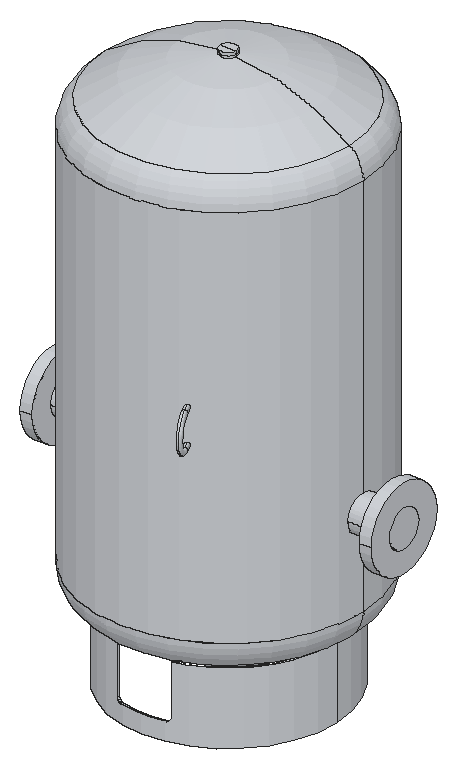
Revit family "CWBT200-4-125", category Mechanical Equipment, Revit 2014
Parameters (values of type "CWBT200-4-125")
  Tank Weight = "547 lbs."
  Tank Volume = "200 Gal"
  Tank Height = "62 3/8\""
  Tank Diameter = "30\""
  Note = "All dimensions and weights are approximate"
  Maximum Acceptance Volume = "N/A"
  Max Operating Temp = "450° F"
  Max Operating Pressure = "125 psi"
  Connector Size = "4\""
Reference planes (in)
  plane 1 "Center (Front/Back)": y = 0
  plane 2: z = 0
  plane 3 "Center (Left/Right)": x = 0
Forms (in)
  Extrusion 1, solid
    sketch origin (0, 0, 0) x (1, 0, 0) y (0, 1, 0)
      loop
        circle (0, 0) r 12
      loop
        circle (0, 0) r 11.8125
    from 0 to 8
  Extrusion 2, void
    sketch origin (0, 0, 0) x (1, 0, 0) y (0, 0, 1)
      loop
        line (-3, 8) -> (-3, 2.5)
        arc (-3, 2.5) -> (-2.85355, 2.14645) -> (-2.5, 2) r 0.5
        line (-2.5, 2) -> (2.5, 2)
        arc (2.5, 2) -> (2.85355, 2.14645) -> (3, 2.5) r 0.5
        line (3, 2.5) -> (3, 8) -> (-3, 8)
    from 0 to 15
  Revolve 3, solid
    sketch origin (0, 0, 0) x (1, 0, 0) y (0, 0, 1)
      loop
        line (0, 62.94192) -> (0, 4.18208) -> (0.875, 4.18208) -> (0.875, 4.56044) -> (0.875, 4.69888)
        arc (0.875, 4.69888) -> (7.49527, 5.95598) -> (13.45419, 9.10233) r 22.68535
        arc (13.45419, 9.10233) -> (14.59127, 10.43367) -> (15, 12.13614) r 3.75
        line (15, 12.13614) -> (15, 54.98786)
        arc (15, 54.98786) -> (14.60324, 56.66664) -> (13.4969, 57.99018) r 3.75
        arc (13.4969, 57.99018) -> (7.52025, 61.15916) -> (0.875, 62.42544) r 22.69138
        line (0.875, 62.42544) -> (0.875, 62.69192) -> (0.875, 62.94192) -> (0, 62.94192)
      axis (0, 62.94192) -> (0, 4.18208)
    angle from 0 to 360
  Sweep 4, solid
    path origin (-1.13053, 2.57732, -13.00075) x (0.419116, -0.907933, 0) y (0, 0, 1)
      loop
        line (17.83546, 48.42089) -> (18.83546, 48.42089)
        arc (18.83546, 48.42089) -> (20.71046, 46.54589) -> (18.83546, 44.67089) r 1.875
        line (18.83546, 44.67089) -> (17.83546, 44.67089)
    profile origin (6.55415, -14.07005, 35.42014) x (0, 0, 1) y (-0.907933, -0.419116, 0)
      loop
        circle (0, 0) r 0.25
  Extrusion 5, solid
    sketch origin (0, 0, 0) x (0, 1, 0) y (0, 0, 1)
      loop
        circle (0, 22) r 2.013
    from 0 to 19.5
  Extrusion 6, solid
    sketch origin (0, 0, 0) x (0, 1, 0) y (0, 0, 1)
      loop
        circle (0, 22) r 2.013
    from 0 to -19.5
  Extrusion 7, solid
    sketch origin (0, 0, 0) x (0, 1, 0) y (0, 0, 1)
      loop
        circle (0, 22) r 4.5
    from -18.1875 to -19.5
  Extrusion 8, solid
    sketch origin (0, 0, 0) x (0, 1, 0) y (0, 0, 1)
      loop
        circle (0, 22) r 4.5
    from 18.1875 to 19.5
Cuts and joins
  Extrusion 2 cuts Extrusion 1
Dimensions and locks (in)
  Revolve 3 sketch curve to cut or joined group of Extrusion 1, Extrusion 2 = 5' - 2.42544"
  aligned and locked: level to plane 2
